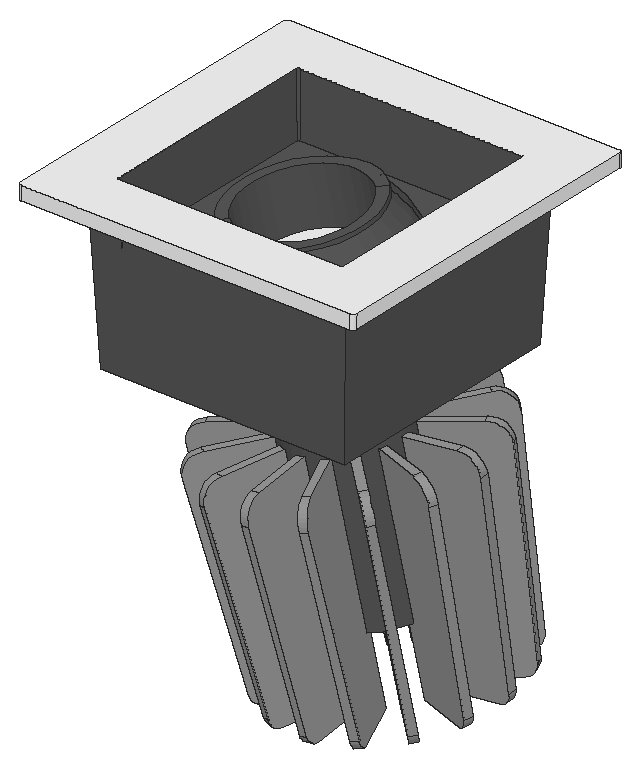
Revit family "2056232 Sylvania Lighting Fixture MYD ADJ SQ BLK 3K PHDIM WHT BEZ", category Lighting Fixtures, host Face, Revit 2016
Family settings
  Host = Face
  Part Type = Normal
  Round Connector Dimension = Use Diameter
  OmniClass Number = 23.80.70.00
  OmniClass Title = Lighting
  Cut with Voids When Loaded = Yes
  Light Source = No
  Shared = No
  Room Calculation Point = No
Parameters (values of type "2056232 MYD ADJ SQ BLK 3K PHDIM WHT BEZ")
  WidthCutOut_SYL = 72 mm
  Width_SYL = 86 mm
  WidthBezel_SYL = 7 mm
  Weight = "0.38 kg"
  Wattage Comments = "n/a"
  WarrantyStartDate [instance] = "n/a"
  WarrantyGuarantorParts = "n/a"
  WarrantyDurationUnit = "n/a"
  WarrantyDurationParts = "n/a"
  WarrantyDescription = "n/a"
  Voltage = 0 V
  VerticalTiltStart_FEILO [instance] = VerticalTilt_FEILO + 90.00°  # 135.00°
  VerticalTilt_FEILO [instance] = 45.00°
  URL = "http://www.sylvania-lighting.com"
  TypeName = "MYD ADJ SQ BLK 3K PHDIM WHT BEZ"
  TypeLamp_SYL = Myriad Adjustable Square Lamp : 2056232 MYD ADJ SQ BLK 3K PHDIM WHT BEZ
  Type Image = <None>
  Type Comments = "n/a"
  SphereRadius_FEILO = 31 mm
  SerialNumber [instance] = "n/a"
  Material_3_SYL = none
  PowerFactor = 0
  PowerConsumption = "10 W"
  NominalLength = 0 mm
  NominalHeight = 115 mm
  NominalDepth = 76 mm
  Name = "MYD ADJ SQ BLK 3K PHDIM WHT BEZ"
  ModelReference = Name  # "MYD ADJ SQ BLK 3K PHDIM WHT BEZ"
  ModelNumber = "2056232"
  Model = Name  # "MYD ADJ SQ BLK 3K PHDIM WHT BEZ"
  Material = "polycarbonate housing"
  ManufacturerName = "Feilo Sylvania"
  Manufacturer = "Feilo Sylvania"
  LuminousEfficacy = "70 lm/W"
  LuminaireType = ""
  LightOutputRatio = "100"
  LampsType = Lamp  # "LED"
  LampNominalLuminous = "702 lm"
  LampMacAdamStep = "n/a"
  LampColourTemperature = "3000 K"
  LampColourRenderingIndex = "85"
  Lamp = "LED"
  Keynote = "16500"
  InstallationDate [instance] = "n/a"
  InputVoltage = "n/a"
  InputNominalFrequency = "n/a"
  IngressProtection = "IP20"
  ImpactProtectionIndex = "IK02"
  IfcExportType = "IfcLightFixtureType"
  IfcExportAs = "IfcLightFixtureType"
  HorizontalTilt_FEILO [instance] = 10.00°
  HeightVoid_SYL = 16 mm
  HeightTop_SYL = 40 mm
  HeightBezel_SYL = 3.5 mm
  ExpectedLife = 50000
  ElectricShockClassification = "Class II"
  DurationUnit = "hours"
  DraftIn_SYL = tan(DraftAngle_SYL) * HeightVoid_SYL  # 0.699 mm
  DraftOut_SYL = tan(DraftAngle_SYL) * HeightTop_SYL  # 1.746 mm
  DraftAngle_SYL = 2.50°
  DocumentationLiterature = "http://www.sylvania-lighting.com/product/en-int/products/2056232"
  DimmingControlOptions = "n/a"
  Material_2_SYL = none
  Description = "MYD ADJ SQ BLK 3K PHDIM WHT BEZ"
  Default Elevation = 1219.2 mm
  CreatedOn = "9/11/2018"
  CreatedBy = "@sylvania-lighting.com"
  Cost = 0
  built-in parameter 1114216 [instance] = (empty or 0)
  ClassificationValue = "EF_70_80"
  ClassificationName = "Uniclass2015"
  Material_1_SYL = Body-Sylvania-MyriadAdjustableRound-Black
  BarCode [instance] = "n/a"
  AssetType = "Fixed"
  AssetIdentifier [instance] = "n/a"
  Assembly Code = "D5020200"
  Apparent Load = 10 VA
  Material_4_SYL = Body-Sylvania-MyriadAdjustableRound-White
Reference planes
  plane 1 "Center (Front/Back)": y = 0
  plane 2: z = 0
  plane 3 "Center (Left/Right)": x = 0
  plane 4: z = 3.5
  plane 5: z = -12.5
  plane 6: z = -24.5
  plane 7: x = -36
  plane 8: x = 36
  plane 9: x = -43
  plane 10: x = 43
  plane 11: x = -33
  plane 12: x = -31.254
  plane 13: x = 33
  plane 14: x = 31.254
  plane 15: y = 43
  plane 16: y = -43
  plane 17: y = 36
  plane 18: y = -36
  plane 19: y = -33
  plane 20: y = 33
  plane 21: y = 31.254
  plane 22: y = -31.254
  plane 23: z = -40
  plane 24: z = -130
  plane 25: y = 29
  plane 26: x = -29
  plane 27: x = 29
  plane 28: y = -29
  plane 29: x = -28.301
  plane 30: y = 28.301
  plane 31: x = 28.301
  plane 32: y = -28.301
  plane 33: x = -42.5
  plane 34: z = 3
Forms (mm)
  Revolve 1, solid, not visible
    sketch origin (0, 0, 0) x (1, 0, 0) y (0, 0, 1)
      loop
        line (0, -24.5) -> (2.4, -24.5) -> (2.4, -12.5) -> (0, -12.5) -> (0, -24.5)
      axis (0, -12.5) -> (0, -24.5)
    angle from 135 <- "VerticalTiltStart_FEILO" to 45 <- "VerticalTilt_FEILO"
  Extrusion 2, void
    sketch origin (0, 0, 0) x (1, 0, 0) y (0, 1, 0)
      loop
        line (-36, 36) -> (-36, -36) -> (36, -36) -> (36, 36) -> (-36, 36)
    from 0 to -130
  Extrusion 3, solid, material "Body-Sylvania-MyriadAdjustableRound-Black" <- "Material_1_SYL"
    sketch origin (0, 0, 0) x (1, 0, 0) y (0, 1, 0)
      loop
        arc (-42, 43) -> (-42.707, 42.707) -> (-43, 42) r 1
        line (-43, 42) -> (-43, -42)
        arc (-43, -42) -> (-42.707, -42.707) -> (-42, -43) r 1
        line (-42, -43) -> (42, -43)
        arc (42, -43) -> (42.707, -42.707) -> (43, -42) r 1
        line (43, -42) -> (43, 42)
        arc (43, 42) -> (42.707, 42.707) -> (42, 43) r 1
        line (42, 43) -> (-42, 43)
    from 0 to 3.5
  Blend 4, solid, material "Body-Sylvania-MyriadAdjustableRound-Black" <- "Material_1_SYL"
    base sketch origin (0, 0, 0) x (1, 0, 0) y (0, 1, 0)
      loop
        line (-33, 33) -> (-33, -33) -> (33, -33) -> (33, 33) -> (-33, 33)
    top sketch origin (0, 0, 0) x (1, 0, 0) y (0, 1, 0)
      loop
        line (-31.254, 31.254) -> (-31.254, -31.254) -> (31.254, -31.254) -> (31.254, 31.254) -> (-31.254, 31.254)
    from 0 to -40
  Blend 5, void
    base sketch origin (1223.4, -4572, 3.5) x (-1, 0, 0) y (0, -1, 0)
      loop
        arc (1251.727, -4601) -> (1252.203, -4600.803) -> (1252.4, -4600.327) r 0.673
        line (1252.4, -4600.327) -> (1252.4, -4543.673)
        arc (1252.4, -4543.673) -> (1252.203, -4543.197) -> (1251.727, -4543) r 0.673
        line (1251.727, -4543) -> (1195.073, -4543)
        arc (1195.073, -4543) -> (1194.597, -4543.197) -> (1194.4, -4543.673) r 0.673
        line (1194.4, -4543.673) -> (1194.4, -4600.327)
        arc (1194.4, -4600.327) -> (1194.597, -4600.803) -> (1195.073, -4601) r 0.673
        line (1195.073, -4601) -> (1251.727, -4601)
    top sketch origin (1223.4, -4572, 3.5) x (-1, 0, 0) y (0, -1, 0)
      loop
        arc (1251.201, -4600.301) -> (1251.555, -4600.155) -> (1251.701, -4599.801) r 0.5
        line (1251.701, -4599.801) -> (1251.701, -4544.199)
        arc (1251.701, -4544.199) -> (1251.555, -4543.845) -> (1251.201, -4543.699) r 0.5
        line (1251.201, -4543.699) -> (1195.638, -4543.699)
        arc (1195.638, -4543.699) -> (1195.257, -4543.857) -> (1195.099, -4544.238) r 0.539
        line (1195.099, -4544.238) -> (1195.099, -4599.801)
        arc (1195.099, -4599.801) -> (1195.245, -4600.155) -> (1195.599, -4600.301) r 0.5
        line (1195.599, -4600.301) -> (1251.201, -4600.301)
    from 0 to -16
  Revolve 6, void
    sketch origin (0, 0, 0) x (1, 0, 0) y (0, 0, 1)
      loop
        arc (0, 5.853) -> (-24.7, -24.5) -> (0, -54.853) r 31
        line (0, -54.853) -> (0, 5.853)
      axis (0, 5.853) -> (0, -54.853)
    angle from 360 to 0
Cuts and joins
  Blend 5 cuts Extrusion 3
  Blend 5, Revolve 6 cuts Blend 4
  joined: Extrusion 3, Blend 4
Lines and regions (mm)
  reference lines
    curve 1: circle (6.3, 0, -24.5) r 31 normal (0, -1, 0)
Dimensions and locks
  "HeightBezel_SYL": plane 4 to plane 2
  locked: plane 5 to plane 6 at 12
  equal spacing: plane 9, plane 3 "Center (Left/Right)", plane 10
  equal spacing: plane 16, plane 1 "Center (Front/Back)", plane 15
  "Width_SYL": plane 16 to plane 15
  "Width_SYL": plane 9 to plane 10
  equal spacing: plane 7, plane 3 "Center (Left/Right)", plane 8
  "WidthCutOut_SYL": plane 7 to plane 8
  equal spacing: plane 18, plane 1 "Center (Front/Back)", plane 17
  "WidthCutOut_SYL": plane 18 to plane 17
  equal spacing: plane 11, plane 3 "Center (Left/Right)", plane 13
  equal spacing: plane 19, plane 1 "Center (Front/Back)", plane 20
  locked: plane 18 to plane 19 at 3
  locked: plane 7 to plane 11 at 3
  equal spacing: plane 12, plane 3 "Center (Left/Right)", plane 14
  "DraftOut_SYL": plane 11 to plane 12
  equal spacing: plane 22, plane 1 "Center (Front/Back)", plane 21
  "DraftOut_SYL": plane 19 to plane 22
  "HeightTop_SYL": plane 2 to plane 23
  locked: plane 2 to plane 24 at 130
  equal spacing: plane 26, plane 3 "Center (Left/Right)", plane 27
  equal spacing: plane 28, plane 1 "Center (Front/Back)", plane 25
  "WidthBezel_SYL": plane 25 to plane 17
  "WidthBezel_SYL": plane 7 to plane 26
  equal spacing: plane 29, plane 3 "Center (Left/Right)", plane 31
  "DraftIn_SYL": plane 26 to plane 29
  equal spacing: plane 32, plane 1 "Center (Front/Back)", plane 30
  "DraftIn_SYL": plane 28 to plane 32
  "HeightVoid_SYL": plane 4 to plane 5
  locked: plane 33 to plane 9 at 0.5
  locked: plane 4 to plane 34 at 0.5
  curve 1 to plane 3 "Center (Left/Right)" = 6.3 mm
  "SphereRadius_FEILO": radius of curve 1
  aligned and locked: plane 2 to host face
  aligned and locked: level to host face
  aligned and locked: plane 6 to Revolve 1 sketch curve
  aligned and locked: Revolve 1 sketch curve to plane 3 "Center (Left/Right)"  (x2)
  aligned and locked: Revolve 1 sketch curve to plane 5
  aligned and locked: plane 17 to Extrusion 2 sketch curve
  aligned and locked: Extrusion 2 sketch curve to plane 18
  aligned and locked: Extrusion 2 sketch curve to plane 8
  aligned and locked: plane 7 to Extrusion 2 sketch curve
  aligned and locked: plane 24 to Extrusion 2
  aligned and locked: level to Extrusion 2
  aligned and locked: plane 15 to Extrusion 3 sketch curve
  aligned and locked: plane 9 to Extrusion 3 sketch curve
  aligned and locked: Extrusion 3 sketch curve to plane 16
  aligned and locked: Extrusion 3 sketch curve to plane 10
  aligned and locked: Extrusion 3 to plane 4
  aligned and locked: Extrusion 3 to level
  aligned and locked: plane 20 to Blend 4 sketch curve
  aligned and locked: Blend 4 sketch curve to plane 19
  aligned and locked: Blend 4 sketch curve to plane 13
  aligned and locked: plane 11 to Blend 4 sketch curve
  aligned and locked: plane 21 to Blend 4 sketch curve
  aligned and locked: plane 12 to Blend 4 sketch curve
  aligned and locked: Blend 4 sketch curve to plane 22
  aligned and locked: Blend 4 sketch curve to plane 14
  aligned and locked: plane 23 to Blend 4
  aligned and locked: level to Blend 4
  aligned and locked: nested 1 to plane 6
  aligned and locked: plane 25 to Blend 5 sketch curve
  aligned and locked: plane 26 to Blend 5 sketch curve
  aligned and locked: Blend 5 sketch curve to plane 28
  aligned and locked: Blend 5 sketch curve to plane 27
  aligned and locked: plane 30 to Blend 5 sketch curve
  aligned and locked: plane 29 to Blend 5 sketch curve
  aligned and locked: Blend 5 sketch curve to plane 32
  aligned and locked: Blend 5 sketch curve to plane 31
  aligned and locked: plane 5 to Blend 5
  aligned and locked: Blend 5 to plane 4
  aligned and locked: plane 6 to curve 1
  aligned and locked: Revolve 6 sketch curve to plane 3 "Center (Left/Right)"
Automatic sketch dimensions
  host sketch curve to host sketch curve = 2438.4 mm  (x2)
  Revolve 1 sketch curve to plane 4 = 2605.558 mm
  plane 3 "Center (Left/Right)" to Revolve 1 sketch curve = 2.4 mm
  plane 6 to Revolve 1 sketch curve = 577.6 mm
  plane 9 to Extrusion 3 sketch curve = 1 mm
  Extrusion 3 sketch curve to Extrusion 3 sketch curve = 1 mm
  Extrusion 3 sketch curve to plane 10 = 1 mm  (x2)
  plane 31 to Blend 5 sketch curve = 0.026 mm  (x2)
  Blend 5 sketch curve to plane 29 = 0.026 mm  (x2)
  Blend 5 sketch curve to Blend 5 sketch curve = 0.5 mm
  Blend 5 sketch curve to Blend 5 sketch curve = 0.539 mm
  plane 29 to Blend 5 sketch curve = 0.5 mm  (x2)
  plane 24 to Revolve 6 sketch curve = 479.6 mm
  Revolve 6 sketch curve to plane 4 = 2605.558 mm
  Revolve 6 sketch curve to plane 3 "Center (Left/Right)" = 0 mm
  Revolve 6 sketch curve to plane 6 = 0 mm
  plane 3 "Center (Left/Right)" to Revolve 6 sketch curve = 6.3 mm
  Revolve 6 sketch curve to plane 4 = 2.353 mm
Nested families
  nested 1: "Myriad Adjustable Square Rotation Feature" at (-0.473, 0.473, -24.5) x (-0.7071, 0.7071, 0) z (-0.7071, -0.7071, 0), HorizontalAxis <- "HorizontalTilt_FEILO", type "Myriad Adjustable Square Rotation Feature"
    with HorizontalAxis 10.00°, EndAngle 100.00°
  nested 2: "Myriad Adjustable Square Lamp" at (0, 0, -24.5) x (0.6964, 0.6964, 0.1736) z (0.1228, 0.1228, -0.9848), type <- "TypeLamp_SYL", type "2056232 MYD ADJ SQ BLK 3K PHDIM WHT BEZ"
Connectors
  electrical at (0, 0, 0), driven by "Apparent Load", driven by "PowerFactor", driven by "Voltage"
    settings: index 1, voltage 0 V, apparent load 10 VA, apparent load phase1 0 VA, apparent load phase2 0 VA, apparent load phase3 0 VA, power factor 0, load classification "Lighting", number of poles 1, system type 30, power factor state 1, is connector primary yes, connector utility no, sub classification motor no, connector description ""
Definition of nested family "Myriad Adjustable Square Rotation Feature"
  Parameters (values of type "Myriad Adjustable Square Rotation Feature")
    URL = "http://www.sylvania-lighting.com"
    Type Comments = "n/a"
    Model = "n/a"
    Manufacturer = "Feilo Sylvania"
    Keynote = "n/a"
    HorizontalAxis [instance] = 0.00°
    EndAngle [instance] = HorizontalAxis + 90.00°  # 90.00°
    Description = "n/a"
    Default Elevation = 1219.2 mm
    Cost = 0
    Assembly Code = "n/a"
  Reference planes
    plane 1 "Center (Front/Back)": y = 0
    plane 2: z = 0
    plane 3 "Center (Left/Right)": x = 0
    plane 4: z = 10
    plane 5: x = -10
    plane 6: x = 10
  Forms (mm)
    Extrusion 1, solid
      sketch origin (-0.8, 0, 0) x (1, 0, 0) y (0, 1, 0)
        loop
          line (-1219.2, 1219.2) -> (-1219.2, -1219.2) -> (1219.2, -1219.2) -> (1219.2, 1219.2) -> (-1219.2, 1219.2)
      from 0 to -304.8
    Revolve 2, solid
      sketch origin (0, 0, 0) x (1, 0, 0) y (0, 0, 1)
        loop
          line (-10, 10) -> (-10, 0) -> (10, 0) -> (10, 10) -> (-10, 10)
        axis (-10, 0) -> (10, 0)
      angle from 0 <- "HorizontalAxis" to 90 <- "EndAngle"
  Dimensions and locks
    plane 4 to plane 2 = 10 mm
    aligned and locked: plane 2 to Extrusion 1
    aligned and locked: level to Extrusion 1
    aligned and locked: Revolve 2 sketch curve to plane 4
    aligned and locked: plane 5 to Revolve 2 sketch curve
    aligned and locked: Extrusion 1 to Revolve 2 sketch curve
    aligned and locked: Revolve 2 sketch curve to plane 2
    aligned and locked: Revolve 2 sketch curve to plane 6
Definition of nested family "Myriad Adjustable Square Lamp"
  Parameters (values of type "2058044 MYSQ AD BLK 2.7K DALI SIL BZ")
    Wattage = 10 W
    built-in parameter 1150110 = 1 (stored number, unit not read)
    URL = "http://www.sylvania-lighting.com"
    Type Comments = "n/a"
    built-in parameter 1114217 = 1 (stored number, unit not read)
    Tilt Angle = 90.00°
    built-in parameter 1150109 = 1 (stored number, unit not read)
    built-in parameter 1150134 = (empty or 0)
    built-in parameter 1150113 = 1 (stored number, unit not read)
    SphereRadius_SYL = 31 mm
    RimHeight_SYL = 1 mm
    Material_3_SYL = none
    Photometric Web File = "2058044.ies"
    Model = "MYSQ AD BLK 2.7K DALI SIL BZ"
    Manufacturer = "Feilo Sylvania"
    built-in parameter 1150105 = 54.113 (stored number, unit not read)
    Lumens = 680 lm
    built-in parameter 1150115 = 1 (stored number, unit not read)
    built-in parameter 1150137 = (empty or 0)
    built-in parameter 1150139 = (empty or 0)
    built-in parameter 1150112 = 1 (stored number, unit not read)
    built-in parameter 1150114 = 1 (stored number, unit not read)
    Lamp = "LED"
    Keynote = "16500"
    built-in parameter 1150132 = (empty or 0)
    built-in parameter 1150102 = (empty or 0)
    built-in parameter 1150107 = 2700 (stored number, unit not read)
    built-in parameter 1150138 = (empty or 0)
    built-in parameter 1150106 = 0.54113 (stored number, unit not read)
    Emit from Circle Diameter = 30 mm
    Emit Shape Visible in Rendering = no
    built-in parameter 1150104 = 6.3174 (stored number, unit not read)
    Dimming Lamp Color Temperature Shift = (empty or 0)
    Material_2_SYL = none
    Description = "Myriad Adjustable Square 2700K DALI black interior with silver bezel"
    Default Elevation = 1219.2 mm
    Cost = 0
    Color Filter = 16777215
    Material_1_SYL = none
    built-in parameter 1114218 = 1 (stored number, unit not read)
    built-in parameter 1150133 = 10 (stored number, unit not read)
    Assembly Code = "D5020200"
    Material_4_SYL = none
    Apparent Load = 10 VA
  Types (24, lengths in mm): name | built-in parameter 1150134 | Photometric Web File | Model | built-in parameter 1150105 | Lumens | built-in parameter 1150107 | built-in parameter 1150106 | built-in parameter 1150104 | Description
    2058044 MYSQ AD BLK 2.7K DALI SIL BZ | (empty or 0) | "2058044.ies" | "MYSQ AD BLK 2.7K DALI SIL BZ" | 54.113 (stored number, unit not read) | 680 lm | 2700 (stored number, unit not read) | 0.54113 (stored number, unit not read) | 6.3174 (stored number, unit not read) | "Myriad Adjustable Square 2700K DALI black interior with silver bezel"
    2058043 MYSQ AD BLK 2.7K PHDIM SIL BZ | (empty or 0) | "2058043.ies" | "MYSQ AD BLK 2.7K PHDIM SIL BZ" | 54.113 (stored number, unit not read) | 680 lm | 2700 (stored number, unit not read) | 0.54113 (stored number, unit not read) | 6.3174 (stored number, unit not read) | "Myriad Adjustable Square 2700K Phase dimmable black interior with silver bezel"
    2058042 MYSQ AD BLK 2.7K DALI WHT BZ | (empty or 0) | "2058042.ies" | "MYSQ AD BLK 2.7K DALI WHT BZ" | 54.113 (stored number, unit not read) | 680 lm | 2700 (stored number, unit not read) | 0.54113 (stored number, unit not read) | 6.3174 (stored number, unit not read) | "Myriad Adjustable Square 2700K DALI black interior with white bezel"
    2058041 MYSQ AD BLK 2.7K PHDIM WHT BZ | (empty or 0) | "2058041.ies" | "MYSQ AD BLK 2.7K PHDIM WHT BZ" | 45.359 (stored number, unit not read) | 570 lm | 2700 (stored number, unit not read) | 0.45359 (stored number, unit not read) | 5.2955 (stored number, unit not read) | "Myriad Adjustable Square 2700K Phase dimmable black interior with white bezel"
    2058040 MYSQ AD WHT 2.7K DALI SIL BZ | (empty or 0) | "2058040.ies" | "MYSQ AD WHT 2.7K DALI SIL BZ" | 45.359 (stored number, unit not read) | 570 lm | 2700 (stored number, unit not read) | 0.45359 (stored number, unit not read) | 5.2955 (stored number, unit not read) | "Myriad Adjustable Square 2700K DALI White interior with silver bezel."
    2058039 MYSQ AD WHT 2.7K PHDIM SIL BZ | (empty or 0) | "2058039.ies" | "MYSQ AD WHT 2.7K PHDIM SIL BZ" | 54.113 (stored number, unit not read) | 680 lm | 2700 (stored number, unit not read) | 0.54113 (stored number, unit not read) | 6.3174 (stored number, unit not read) | "MYSQ AD WHT 2.7K PHDIM SIL BZ"
    2058038 MYSQ AD WHT 2.7K DALI WHT BZ | (empty or 0) | "2058038.ies" | "MYSQ AD WHT 2.7K DALI WHT BZ" | 54.113 (stored number, unit not read) | 680 lm | 2700 (stored number, unit not read) | 0.54113 (stored number, unit not read) | 6.3174 (stored number, unit not read) | "MYSQ AD WHT 2.7K DALI WHT BZ"
    2058037 MYSQ AD WHT 2.7K PHDIM WHT BZ | (empty or 0) | "2058037.ies" | "MYSQ AD WHT 2.7K PHDIM WHT BZ" | 54.113 (stored number, unit not read) | 680 lm | 2700 (stored number, unit not read) | 0.54113 (stored number, unit not read) | 6.3174 (stored number, unit not read) | "Myriad Adjustable SQ White 2,7K Phase dim White Bezel"
    2056239 MYD ADJ SQ BLK 4K DALI SIL BEZ | 12 | "2056239.ies" | "MYD ADJ SQ BLK 4K DALI SIL BEZ" | 54.113 (stored number, unit not read) | 680 lm | 4000 (stored number, unit not read) | 0.54113 (stored number, unit not read) | 6.3174 (stored number, unit not read) | "MYD ADJ SQ BLK 4K DALI SIL BEZ"
    2056238 MYR ADJ SQ BLK 4K PHDIM SIL BEZ | 12 | "2056238.ies" | "MYR ADJ SQ BLK 4K PHDIM SIL BEZ" | 54.113 (stored number, unit not read) | 680 lm | 4000 (stored number, unit not read) | 0.54113 (stored number, unit not read) | 6.3174 (stored number, unit not read) | "MYR ADJ SQ BLK 4K PHDIM SIL BEZ"
    2056237 MYD ADJ SQ BLK 4K DALI WHT BEZ | 12 | "2056237.ies" | "MYD ADJ SQ BLK 4K DALI WHT BEZ" | 54.113 (stored number, unit not read) | 680 lm | 4000 (stored number, unit not read) | 0.54113 (stored number, unit not read) | 6.3174 (stored number, unit not read) | "MYD ADJ SQ BLK 4K DALI WHT BEZ"
    2056236 MYD ADJ SQ BLK 4K PHDIM WHT BEZ | 12 | "2056236.ies" | "MYD ADJ SQ BLK 4K PHDIM WHT BEZ" | 54.113 (stored number, unit not read) | 680 lm | 4000 (stored number, unit not read) | 0.54113 (stored number, unit not read) | 6.3174 (stored number, unit not read) | "MYD ADJ SQ BLK 4K PHDIM WHT BEZ"
    2056235 MYD ADJ SQ BLK 3K DALI SIL BEZ | (empty or 0) | "2056235.ies" | "MYD ADJ SQ BLK 3K DALI SIL BEZ" | 55.704 (stored number, unit not read) | 700 lm | 3000 (stored number, unit not read) | 0.55704 (stored number, unit not read) | 6.5032 (stored number, unit not read) | "MYD ADJ SQ BLK 3K DALI SIL BEZ"
    2056234 MYD ADJ SQ BLK 3K PHDIM SILBEZ | (empty or 0) | "2056234.ies" | "MYD ADJ SQ BLK 3K PHDIM SILBEZ" | 55.704 (stored number, unit not read) | 700 lm | 3000 (stored number, unit not read) | 0.55704 (stored number, unit not read) | 6.5032 (stored number, unit not read) | "MYD ADJ SQ BLK 3K PHDIM SILBEZ"
    2056233 MYD ADJ SQ BLK 3K DALI WHT BEZ | (empty or 0) | "2056233.ies" | "MYD ADJ SQ BLK 3K DALI WHT BEZ" | 55.704 (stored number, unit not read) | 700 lm | 3000 (stored number, unit not read) | 0.55704 (stored number, unit not read) | 6.5032 (stored number, unit not read) | "MYD ADJ SQ BLK 3K DALI WHT BEZ"
    2056232 MYD ADJ SQ BLK 3K PHDIM WHT BEZ | (empty or 0) | "2056232.ies" | "MYD ADJ SQ BLK 3K PHDIM WHT BEZ" | 55.704 (stored number, unit not read) | 700 lm | 3000 (stored number, unit not read) | 0.55704 (stored number, unit not read) | 6.5032 (stored number, unit not read) | "MYD ADJ SQ BLK 3K PHDIM WHT BEZ"
    2056231 MYD ADJ SQ WHT 4K DALI SIL BEZ | 12 | "2056231.ies" | "MYD ADJ SQ WHT 4K DALI SIL BEZ" | 54.113 (stored number, unit not read) | 680 lm | 4000 (stored number, unit not read) | 0.54113 (stored number, unit not read) | 6.3174 (stored number, unit not read) | "MYD ADJ SQ WHT 4K DALI SIL BEZ"
    2056230 MYD ADJ SQ WHT 4K PHDIM SIL BEZ | 12 | "2056230.ies" | "MYD ADJ SQ WHT 4K PHDIM SIL BEZ" | 54.113 (stored number, unit not read) | 680 lm | 4000 (stored number, unit not read) | 0.54113 (stored number, unit not read) | 6.3174 (stored number, unit not read) | "Myriad Adjustable Square 4000K phase dimmable white with silver bezel"
    2056229 MYD ADJ SQ WHT 4K DALI WHT BEZ | 12 | "2056229.ies" | "MYD ADJ SQ WHT 4K DALI WHT BEZ" | 54.113 (stored number, unit not read) | 680 lm | 4000 (stored number, unit not read) | 0.54113 (stored number, unit not read) | 6.3174 (stored number, unit not read) | "MYD ADJ SQ WHT 4K DALI WHT BEZ"
    2056228 MYD ADJ SQ WHT 4K PHDIM WHT BEZ | 12 | "2056228.ies" | "MYD ADJ SQ WHT 4K PHDIM WHT BEZ" | 54.113 (stored number, unit not read) | 680 lm | 4000 (stored number, unit not read) | 0.54113 (stored number, unit not read) | 6.3174 (stored number, unit not read) | "MYD ADJ SQ WHT 4K PHDIM WHT BEZ"
    2056227 MYD ADJ SQ WHT 3K DALI SIL BEZ | (empty or 0) | "2056227.ies" | "MYD ADJ SQ WHT 3K DALI SIL BEZ" | 55.704 (stored number, unit not read) | 700 lm | 3000 (stored number, unit not read) | 0.55704 (stored number, unit not read) | 6.5032 (stored number, unit not read) | "MYD ADJ SQ WHT 3K DALI SIL BEZ"
    2056226 MYD ADJ SQ WHT 3K PHDIM SIL BEZ | (empty or 0) | "2056226.ies" | "MYD ADJ SQ WHT 3K PHDIM SIL BEZ" | 55.704 (stored number, unit not read) | 700 lm | 3000 (stored number, unit not read) | 0.55704 (stored number, unit not read) | 6.5032 (stored number, unit not read) | "MYD ADJ SQ WHT 3K PHDIM SIL BEZ"
    2056225 MYD ADJ SQ WHT 3K DALI WHT BEZ | (empty or 0) | "2056225.ies" | "MYD ADJ SQ WHT 3K DALI WHT BEZ" | 55.704 (stored number, unit not read) | 700 lm | 3000 (stored number, unit not read) | 0.55704 (stored number, unit not read) | 6.5032 (stored number, unit not read) | "MYD ADJ SQ WHT 3K DALI WHT BEZ"
    2056224 MYD ADJ SQ WHT 3K PHDIM WHT BEZ | (empty or 0) | "2056224.ies" | "MYD ADJ SQ WHT 3K PHDIM WHT BEZ" | 55.704 (stored number, unit not read) | 700 lm | 3000 (stored number, unit not read) | 0.55704 (stored number, unit not read) | 6.5032 (stored number, unit not read) | "MYD ADJ SQ WHT 3K PHDIM WHT BEZ"
  Reference planes
    plane 1 "Center (Front/Back)": y = 0
    plane 2: z = 0
    plane 3 "Center (Left/Right)": x = 0
    plane 4: x = -35
    plane 5: x = -12
    plane 6: x = -15
    plane 7: x = -25
    plane 8: x = -17.8
    plane 9: z = -19.5
    plane 10: z = 19.5
    plane 11: z = 30.5
    plane 12: z = 71.5
    plane 13: z = 90.5
    plane 14: z = 0
    plane 15: z = -5.5
    plane 16: x = -30
    plane 17: z = -20.5
  Forms (mm)
    Extrusion 1, solid
      sketch origin (-0.8, 0, 0) x (1, 0, 0) y (0, 1, 0)
        loop
          line (-1219.2, 1219.2) -> (-1219.2, -1219.2) -> (1219.2, -1219.2) -> (1219.2, 1219.2) -> (-1219.2, 1219.2)
      from 0 to -304.8
    Revolve 2, solid, material <- "Material_1_SYL"
      sketch origin (0, 0, 0) x (1, 0, 0) y (0, 0, 1)
        loop
          line (-15, -20.5) -> (-15, -5.5) -> (0, -5.5) -> (0, 30.5) -> (-12, 30.5) -> (-12, 71.5) -> (-15, 71.5) -> (-15, 19.5) -> (-17.8, 19.5)
          arc (-17.8, 19.5) -> (-24.701, 0) -> (-17.8, -19.5) r 31
          line (-17.8, -19.5) -> (-17.8, -20.5) -> (-15, -20.5)
        axis (0, 71.5) -> (0, -20.5)
      angle from 0 to 360
    Revolve 3, solid, material <- "Material_1_SYL", detail levels coarse+medium
      sketch origin (0, 0, 0) x (1, 0, 0) y (0, 0, 1)
        loop
          line (0, 30.5) -> (0, 90.5) -> (-30, 90.5) -> (-35, 30.5) -> (0, 30.5)
        axis (0, 90.5) -> (0, 30.5)
      angle from 0 to 360
  Lines and regions (mm)
    reference lines
      curve 1: line (0, 0, 0) -> (-32.336, 13.394, 0)
      curve 2: circle (0, 0, 0) r 35 normal (0, 0, 1)
      curve 3: line (0, 0, 0) -> (-24.749, 24.749, 0)
      curve 4: line (0, 0, 0) -> (-13.394, 32.336, 0)
      curve 5: line (0, 0, 0) -> (13.394, 32.336, 0)
      curve 6: line (0, 0, 0) -> (24.749, 24.749, 0)
      curve 7: line (0, 0, 0) -> (32.336, 13.394, 0)
      curve 8: line (0, 0, 0) -> (32.336, -13.394, 0)
      curve 9: line (0, 0, 0) -> (24.749, -24.749, 0)
      curve 10: line (0, 0, 0) -> (13.394, -32.336, 0)
      curve 11: line (0, 0, 0) -> (-13.394, -32.336, 0)
      curve 12: line (0, 0, 0) -> (-24.749, -24.749, 0)
      curve 13: line (0, 0, 0) -> (-32.336, -13.394, 0)
  Dimensions and locks
    locked: plane 3 "Center (Left/Right)" to plane 4 at 35
    locked: plane 3 "Center (Left/Right)" to plane 5 at 12
    locked: plane 3 "Center (Left/Right)" to plane 6 at 15
    locked: plane 3 "Center (Left/Right)" to plane 7 at 25
    locked: plane 3 "Center (Left/Right)" to plane 8 at 17.8
    equal spacing: plane 10, plane 14, plane 9
    locked: plane 3 "Center (Left/Right)" to plane 16 at 30
    "RimHeight_SYL": plane 9 to plane 17
    locked: plane 15 to plane 17 at 15
    locked: plane 10 to plane 17 at 40
    locked: plane 11 to plane 17 at 51
    locked: plane 12 to plane 17 at 92
    locked: plane 13 to plane 17 at 111
    radius of curve 2 = 35 mm
    "SphereRadius_SYL": radius of Revolve 2 sketch curve
    angle curve 3 to plane 1 "Center (Front/Back)" = 45.00°
    angle curve 4 to plane 1 "Center (Front/Back)" = 67.50°
    angle plane 1 "Center (Front/Back)" to curve 5 = 67.50°
    angle plane 1 "Center (Front/Back)" to curve 6 = 45.00°
    angle plane 1 "Center (Front/Back)" to curve 7 = 22.50°
    angle curve 8 to plane 1 "Center (Front/Back)" = 22.50°
    angle curve 9 to plane 1 "Center (Front/Back)" = 45.00°
    angle curve 10 to plane 1 "Center (Front/Back)" = 67.50°
    angle curve 11 to plane 3 "Center (Left/Right)" = 22.50°
    angle curve 12 to plane 3 "Center (Left/Right)" = 45.00°
    angle curve 13 to plane 3 "Center (Left/Right)" = 67.50°
    aligned and locked: plane 2 to Extrusion 1
    aligned and locked: level to Extrusion 1
    aligned and locked: Revolve 2 sketch curve to plane 3 "Center (Left/Right)"  (x2)
    aligned and locked: plane 8 to Revolve 2 sketch curve  (x2)
    aligned and locked: plane 10 to Revolve 2 sketch curve
    aligned and locked: plane 6 to Revolve 2 sketch curve  (x2)
    aligned and locked: plane 12 to Revolve 2 sketch curve
    aligned and locked: Revolve 2 sketch curve to plane 5
    aligned and locked: plane 3 "Center (Left/Right)" to Revolve 2 sketch curve
    aligned and locked: plane 11 to Revolve 2 sketch curve
    aligned and locked: plane 3 "Center (Left/Right)" to curve 1
    aligned and locked: plane 3 "Center (Left/Right)" to curve 2
    aligned and locked: Revolve 3 sketch curve to plane 3 "Center (Left/Right)"
    aligned and locked: plane 13 to Revolve 3 sketch curve
    aligned and locked: plane 14 to level
    aligned and locked: plane 17 to Revolve 2 sketch curve
    aligned and locked: plane 15 to Revolve 2 sketch curve
    aligned and locked: imposter light to plane 1 "Center (Front/Back)"
    aligned and locked: plane 3 "Center (Left/Right)" to imposter light
    aligned and locked: plane 1 "Center (Front/Back)" to nested 1
    aligned and locked: plane 3 "Center (Left/Right)" to nested 1
    aligned and locked: imposter light to plane 15
  Automatic sketch dimensions
    Extrusion 1 sketch curve to Extrusion 1 sketch curve = 2438.4 mm  (x2)
    plane 1 "Center (Front/Back)" to curve 2 = 0 mm
    plane 1 "Center (Front/Back)" to curve 11 = 0 mm
    curve 1 to plane 16 = 2.336 mm
    Revolve 3 sketch curve to level = 609.6 mm
    Revolve 3 sketch curve to Revolve 3 sketch curve = 2498.058 mm
    Revolve 3 sketch curve to plane 4 = 0 mm
    Revolve 3 sketch curve to plane 16 = 0 mm
    Revolve 3 sketch curve to plane 3 "Center (Left/Right)" = 0 mm
    Revolve 3 sketch curve to plane 11 = 0 mm
    Revolve 2 sketch curve to level = 0 mm
    Revolve 2 sketch curve to plane 17 = 588.1 mm
    Revolve 2 sketch curve to plane 13 = 2498.058 mm
  Nested families
    nested 1: "Myriad Rib" at (0, 0, -20.5), type "Myriad Rib", detail levels fine
    nested 2: "Myriad Rib" at (0, 0, -20.5) x (0.9239, -0.3827, 0) z (0, 0, 1), type "Myriad Rib", detail levels fine
    nested 3: "Myriad Rib" at (0, 0, -20.5) x (0.7071, -0.7071, 0) z (0, 0, 1), type "Myriad Rib", detail levels fine
    nested 4: "Myriad Rib" at (0, 0, -20.5) x (0.3827, -0.9239, 0) z (0, 0, 1), type "Myriad Rib", detail levels fine
    nested 5: "Myriad Rib" at (0, 0, -20.5) x (0, -1, 0) z (0, 0, 1), type "Myriad Rib", detail levels fine
    nested 6: "Myriad Rib" at (0, 0, -20.5) x (-0.3827, -0.9239, 0) z (0, 0, 1), type "Myriad Rib", detail levels fine
    nested 7: "Myriad Rib" at (0, 0, -20.5) x (-0.7071, -0.7071, 0) z (0, 0, 1), type "Myriad Rib", detail levels fine
    nested 8: "Myriad Rib" at (0, 0, -20.5) x (-0.9239, -0.3827, 0) z (0, 0, 1), type "Myriad Rib", detail levels fine
    nested 9: "Myriad Rib" at (0, 0, -20.5) x (-1, 0, 0) z (0, 0, 1), type "Myriad Rib", detail levels fine
    nested 10: "Myriad Rib" at (0, 0, -20.5) x (-0.9239, 0.3827, 0) z (0, 0, 1), type "Myriad Rib", detail levels fine
    nested 11: "Myriad Rib" at (0, 0, -20.5) x (-0.7071, 0.7071, 0) z (0, 0, 1), type "Myriad Rib", detail levels fine
    nested 12: "Myriad Rib" at (0, 0, -20.5) x (-0.3827, 0.9239, 0) z (0, 0, 1), type "Myriad Rib", detail levels fine
    nested 13: "Myriad Rib" at (0, 0, -20.5) x (0, 1, 0) z (0, 0, 1), type "Myriad Rib", detail levels fine
    nested 14: "Myriad Rib" at (0, 0, -20.5) x (0.3827, 0.9239, 0) z (0, 0, 1), type "Myriad Rib", detail levels fine
    nested 15: "Myriad Rib" at (0, 0, -20.5) x (0.7071, 0.7071, 0) z (0, 0, 1), type "Myriad Rib", detail levels fine
    nested 16: "Myriad Rib" at (0, 0, -20.5) x (0.9239, 0.3827, 0) z (0, 0, 1), type "Myriad Rib", detail levels fine
  Definition of nested family "Myriad Rib"
    Parameters (values of type "Myriad Rib")
      URL = "http://www.feilosylvania.com"
      Type Comments = "n/a"
      Material_3_SYL = none
      Model = "n/a"
      Manufacturer = "Feilo Sylvania"
      Keynote = "n/a"
      Material_2_SYL = none
      Description = "n/a"
      Default Elevation = 1219.2 mm
      Cost = 0
      Material_1_SYL = none
      Assembly Code = "n/a"
      Material_4_SYL = none
    Reference planes
      plane 1 "Center (Front/Back)": y = 0
      plane 2: z = 0
      plane 3 "Center (Left/Right)": x = 0
      plane 4: x = -35
      plane 5: x = -30
      plane 6: x = -13
      plane 7: z = 51
      plane 8: z = 111
      plane 9: y = 1
      plane 10: y = -1
    Forms (mm)
      Extrusion 1, solid
        sketch origin (-0.8, 0, 0) x (1, 0, 0) y (0, 1, 0)
          loop
            line (-1219.2, 1219.2) -> (-1219.2, -1219.2) -> (1219.2, -1219.2) -> (1219.2, 1219.2) -> (-1219.2, 1219.2)
        from 0 to -304.8
      Extrusion 2, solid, material <- "Material_1_SYL"
        sketch origin (0, 0, 0) x (1, 0, 0) y (0, 0, 1)
          loop
            line (-13, 111) -> (-27.182, 111)
            arc (-27.182, 111) -> (-29.214, 110.208) -> (-30.172, 108.249) r 3
            line (-30.172, 108.249) -> (-34.491, 56.415)
            arc (-34.491, 56.415) -> (-33.188, 52.614) -> (-29.509, 51) r 5
            line (-29.509, 51) -> (-13, 51) -> (-13, 111)
        from -1 to 1
    Dimensions and locks
      locked: plane 7 to plane 2 at 51
      locked: plane 8 to plane 2 at 111
      locked: plane 3 "Center (Left/Right)" to plane 6 at 13
      locked: plane 3 "Center (Left/Right)" to plane 5 at 30
      locked: plane 3 "Center (Left/Right)" to plane 4 at 35
      equal spacing: plane 10, plane 1 "Center (Front/Back)", plane 9, locked at 1 each
      locked: plane 10 to plane 9 at 2
      aligned and locked: plane 2 to Extrusion 1
      aligned and locked: level to Extrusion 1
      aligned and locked: plane 8 to Extrusion 2 sketch curve  (x2)
      aligned and locked: Extrusion 2 sketch curve to plane 6
      aligned and locked: Extrusion 2 sketch curve to plane 7
      aligned and locked: Extrusion 2 to plane 9
      aligned and locked: plane 10 to Extrusion 2
    Automatic sketch dimensions
      Extrusion 1 sketch curve to Extrusion 1 sketch curve = 2438.4 mm  (x2)
      Extrusion 2 sketch curve to plane 6 = 0 mm
      plane 5 to Extrusion 2 sketch curve = 2.818 mm
      plane 5 to Extrusion 2 sketch curve = 0.491 mm
      Extrusion 2 sketch curve to plane 5 = 0.172 mm
      plane 4 to Extrusion 2 sketch curve = 0.509 mm
      Extrusion 2 sketch curve to Extrusion 2 sketch curve = 5 mm
      Extrusion 2 sketch curve to Extrusion 2 sketch curve = 3 mm
